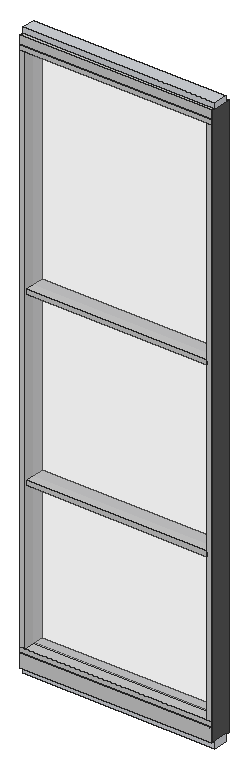
Revit family "Haworth_Enclose_Wall_Glass", category Furniture Systems, Revit 2018
Family settings
  Round Connector Dimension = Use Diameter
  Part Type = Normal
  OmniClass Number = 23.25.40.14
  OmniClass Title = Demountable Partitions
  Work Plane-Based = No
  Always vertical = Yes
  Cut with Voids When Loaded = No
  Shared = Yes
  Room Calculation Point = No
Parameters (values of type "36" x 108"")
  Warranty = "http://www.haworth.com/resources/product-info/warranties"
  URL - Product = "http://www.haworth.com/products/architectural-interiors/moveable-walls/enclose"
  Type Comments = ""
  Sustainability Info = "http://www.haworth.com/company-info/sustainablility"
  Model = "Haworth Enclose"  # constant formula
  Glass Finish = Haworth _ Glass _ Clear
  Frame Finish = Haworth _ Metal _ Brushed Aluminum
  End of Run Finish = Haworth _ Polymer _ Black
  Description = "Wall Glass"  # constant formula
  Ceiling Mount = yes
  Material Options = "http://surfaces.haworth.com/haworth-surface-collection"
  Width = 36"
  Vertical Frame Width = 0.875"  # constant formula
  URL = "www.haworth.com"
  Size = "Verify Final Dim. w/ Haworth"  # constant formula
  Revision Number = "3"  # constant formula
  Panel Width = Actual Width - (2 * Vertical Frame Width) - (2 * End of Run Width)  # 33.94"
  Panel Height = Actual Height - Horizontal Bottom Adjuster Width - (2 * Horizontal Frame Width) - Horizontal Top Adjuster Width  # 99.755"
  Panel Depth = 0.4"  # constant formula
  Muntin Width = 0.875"  # constant formula
  Min/Max Width = "8-60 in."  # constant formula
  Min/Max Height = "84-144 in."  # constant formula
  Min. Spacing Between Muntins = 8"  # constant formula
  Muntin Note = "Bottom Muntin is Muntin 1"  # constant formula
  Horizontal Top Trim Width = 1.43"  # constant formula
  Horizontal Top Adjuster Width = Cap Height + Horizontal Top Trim Width + 0.195"  # 2.625"
  Horizontal Bottom Adjuster Width = Base Height + Horizontal Bottom Trim Width + 0.195"  # 3.87"
  Glass Offset = Horizontal Bottom Adjuster Width + Horizontal Frame Width  # 4.745"
  Min. Width = 8"  # constant formula
  Max. Width = 60"  # constant formula
  Min. Height = 84"  # constant formula
  Max. Height = 144"  # constant formula
  Manufacturer = "Haworth"  # constant formula
  Horizontal Frame Width = 0.875"  # constant formula
  Horizontal Bottom Trim Width = 2.425"  # constant formula
  Height = 108"
  End of Run Width = 0.155"  # constant formula
  Frame Depth = 4"  # constant formula
  End of Run Right Width [instance] = if(End of Run Right, 1.845", End of Run Width)  # 0.155"
  End of Run Right [instance] = no
  End of Run Left Width [instance] = if(End of Run Left, 1.845", End of Run Width)  # 0.155"
  End of Run Left [instance] = no
  Cap Height = 1"  # constant formula
  Base Height = 1.25"  # constant formula
  Author = "SHAPE Environments, LLC"  # constant formula
  Assembly Code = "C1010200"
  Actual Width = if(Width < Min. Width, Min. Width, if(Width > Max. Width, Max. Width, Width))  # 36"
  Actual Height = if(Height < Min. Height, Min. Height, if(Height > Max. Height, Max. Height, Height))  # 108"
  Actual AFF Muntin 2 = if(AFF Muntin 2 < Actual AFF Muntin 1 + 8", Actual AFF Muntin 1 + 8", if(and(# of Muntins = 2, AFF Muntin 2 > Actual Height - 8" - Horizontal Top Adjuster Width - Horizontal Frame Width), Actual Height - 8" - Horizontal Top Adjuster Width - Horizontal Frame Width, AFF Muntin 2))  # 64"
  Actual AFF Muntin 1 = if(AFF Muntin 1 < 8" + Horizontal Bottom Adjuster Width, 8" + Horizontal Bottom Adjuster Width, if(and(# of Muntins = 2, AFF Muntin 1 > Actual Height - 16" - Horizontal Top Adjuster Width - Horizontal Frame Width), Actual Height - 16" - Horizontal Top Adjuster Width - Horizontal Frame Width, if(and(# of Muntins = 1, AFF Muntin 1 > Actual Height - 8" - Horizontal Top Adjuster Width - Horizontal Frame Width), Actual Height - 8" - Horizontal Top Adjuster Width - Horizontal Frame Width, AFF Muntin 1)))  # 32"
  Actual # of Muntins = if(Actual Height - Glass Offset < # of Muntins * (8" + Muntin Width) + 8", 0, # of Muntins)  # 2
  AFF Muntin 2 = 64"
  AFF Muntin 1 = 32"
  Max # of Muntins = 2  # constant formula
  # of Muntins = 2
  Too Many Muntins = or(and(Actual # of Muntins = 0, # of Muntins > 0), (# of Muntins > 2))  # no
Types (7): name | Width | Panel Width | Actual Width
  36" x 108" | 36" | 33.94" | 36"
  24" x 108" | 24" | 21.94" | 24"
  30" x 108" | 30" | 27.94" | 30"
  42" x 108" | 42" | 39.94" | 42"
  48" x 108" | 48" | 45.94" | 48"
  54" x 108" | 54" | 51.94" | 54"
  60" x 108" | 60" | 57.94" | 60"
Reference planes (in)
  plane 1 "Center F/B": y = -0.17786
  plane 2: z = 0
  plane 3 "Center L/R": x = -2.36364
  plane 4 "Left": x = -20.36364
  plane 5 "Right": x = 15.63636
  plane 6 "Top": z = 108
  plane 7 "Back": y = 1.82214
  plane 8 "Front": y = -2.17786
  plane 9 "Left Frame Outside": x = -20.20864
  plane 10 "Left Frame Inside": x = -19.33364
  plane 11 "Right Frame Outside": x = 15.48136
  plane 12 "Right Frame Inside": x = 14.60636
  plane 13 "End of Run Right": x = 15.63636
  plane 14 "End of Run Left": x = -20.36364
  plane 15 "Top Frame Outside": z = 105.375
  plane 16 "Top Trim Outside": z = 107
  plane 17 "Top Frame Inside": z = 104.5
  plane 18 "Bottom Frame Outside": z = 3.87
  plane 19 "Bottom Adjuster": z = 1.25
  plane 20 "Bottom Frame Inside": z = 4.745
Forms (in)
  Sweep 1, solid, material "Haworth _ Polymer _ Black" <- "End of Run Finish"
    path origin (0, -0.17786, 0) x (1, 0, 0) y (0, 0, 1)
      loop
        line (-20.20864, 107) -> (-20.20864, 1.25)
    profile "Haworth_Enclose - Postcap : Left" origin (-20.20864, -0.17786, 54.125) x (1, 0, 0) y (0, -1, 0)
      loop
        line (0, 1.805) -> (-0.155, 1.805) -> (-0.155, -1.805) -> (0, -1.805) -> (0, 1.805)
  Sweep 2, solid, material "Haworth _ Polymer _ Black" <- "End of Run Finish"
    path origin (0, -0.17786, 0) x (1, 0, 0) y (0, 0, 1)
      loop
        line (15.48136, 107) -> (15.48136, 1.25)
    profile "Haworth_Enclose - Postcap : Right" origin (15.48136, -0.17786, 54.125) x (1, 0, 0) y (0, -1, 0)
      loop
        line (0, 1.805) -> (0, -1.805) -> (0.155, -1.805) -> (0.155, 1.805) -> (0, 1.805)
  Sweep 3, solid, material "Haworth _ Metal _ Brushed Aluminum" <- "Frame Finish"
    path origin (0, -0.17786, 0) x (1, 0, 0) y (0, 0, 1)
      loop
        line (-20.20864, 104.5) -> (-20.20864, 4.745)
    profile "Haworth_Enclose - Vertical_Frame : Vertical" origin (-20.20864, -0.17786, 54.6225) x (1, 0, 0) y (0, -1, 0)
      loop
        line (0, 2) -> (0, -2) -> (0.875, -2) -> (0.875, 2) -> (0, 2)
  Sweep 4, solid, material "Haworth _ Metal _ Brushed Aluminum" <- "Frame Finish"
    path origin (0, -0.17786, 0) x (1, 0, 0) y (0, 0, 1)
      loop
        line (15.48136, 104.5) -> (15.48136, 4.745)
    profile "Haworth_Enclose - Vertical_Frame : Vertical" origin (15.48136, -0.17786, 54.6225) x (1, 0, 0) y (0, -1, 0)
      loop
        line (0, 2) -> (-0.875, 2) -> (-0.875, -2) -> (0, -2) -> (0, 2)
  Sweep 5, solid, material "Haworth _ Metal _ Brushed Aluminum" <- "Frame Finish"
    path origin (0, -0.17786, 0) x (1, 0, 0) y (0, 0, 1)
      loop
        line (15.48136, 104.5) -> (-20.20864, 104.5)
    profile "Haworth_Enclose - Horizontal_Frame : Horizontal" origin (-2.36364, -0.17786, 104.5) x (0, 0, -1) y (0, -1, 0)
      loop
        line (0, 2) -> (-0.875, 2) -> (-0.875, -2) -> (0, -2) -> (0, 2)
  Sweep 6, solid, material "Haworth _ Metal _ Brushed Aluminum" <- "Frame Finish"
    path origin (0, -0.17786, 0) x (1, 0, 0) y (0, 0, 1)
      loop
        line (-20.20864, 107) -> (15.48136, 107)
    profile "Haworth_Enclose - Horizontal_Trim : Top" origin (-2.36364, -0.17786, 107) x (0, 0, 1) y (0, -1, 0)
      loop
        line (0, 2) -> (-1.43, 2) -> (-1.43, 1.805) -> (-1.625, 1.805) -> (-1.625, -1.805) -> (-1.43, -1.805) -> (-1.43, -2) -> (0, -2) -> (0, 2)
  Sweep 7, solid, visible <- "Ceiling Mount"
    path origin (0, -0.17786, 0) x (1, 0, 0) y (0, 0, 1)
      loop
        line (-20.36364, 108) -> (15.63636, 108)
    profile "Haworth_Enclose - Horizontal_Track : Ceiling" origin (-2.36364, -0.17786, 108) x (0, 0, 1) y (0, -1, 0)
      loop
        line (0, 1.28) -> (-1, 1.28) -> (-1, -1.28) -> (0, -1.28) -> (0, 1.28)
  Sweep 8, solid
    path origin (0, -0.17786, 0) x (1, 0, 0) y (0, 0, 1)
      loop
        line (15.63636, 0) -> (-20.36364, 0)
    profile "Haworth_Enclose - Horizontal_Track : Base" origin (-2.36364, -0.17786, 0) x (0, 0, -1) y (0, -1, 0)
      loop
        line (0, 1.28) -> (-1.25, 1.28) -> (-1.25, -1.28) -> (0, -1.28) -> (0, 1.28)
  Sweep 9, solid, material "Haworth _ Metal _ Brushed Aluminum" <- "Frame Finish"
    path origin (0, -0.17786, 0) x (1, 0, 0) y (0, 0, 1)
      loop
        line (-20.20864, 4.745) -> (15.48136, 4.745)
    profile "Haworth_Enclose - Horizontal_Frame : Horizontal" origin (-2.36364, -0.17786, 4.745) x (0, 0, 1) y (0, -1, 0)
      loop
        line (0, 2) -> (-0.875, 2) -> (-0.875, -2) -> (0, -2) -> (0, 2)
  Sweep 10, solid, material "Haworth _ Metal _ Brushed Aluminum" <- "Frame Finish"
    path origin (0, -0.17786, 0) x (1, 0, 0) y (0, 0, 1)
      loop
        line (15.48136, 1.25) -> (-20.20864, 1.25)
    profile "Haworth_Enclose - Horizontal_Trim : Bottom" origin (-2.36364, -0.17786, 1.25) x (0, 0, -1) y (0, -1, 0)
      loop
        line (0, 2) -> (-2.425, 2) -> (-2.425, 1.805) -> (-2.62, 1.805) -> (-2.62, -1.805) -> (-2.425, -1.805) -> (-2.425, -2) -> (0, -2) -> (0, 2)
Lines and regions (in)
  Masking region 1
    outline origin (0, 0, 0) x (1, 0, 0) y (0, 1, 0)
      loop
        line (-20.36364, 1.82214) -> (-20.36364, -2.17786) -> (15.63636, -2.17786) -> (15.63636, 1.82214) -> (-20.36364, 1.82214)
  symbolic lines, style "Haworth", detail levels medium+fine
    curve 1: line (14.60636, 1.82214, 0) -> (14.60636, -2.17786, 0)
    curve 2: line (14.60636, -0.37786, 0) -> (-19.33364, -0.37786, 0)
    curve 3: line (14.60636, 0.02214, 0) -> (-19.33364, 0.02214, 0)
    curve 4: line (-19.33364, -2.17786, 0) -> (-19.33364, 1.82214, 0)
Dimensions and locks (in)
  equal spacing: plane 4 "Left", plane 3 "Center L/R", plane 5 "Right"
  "Actual Width": plane 4 "Left" to plane 5 "Right"
  "End of Run Width": plane 4 "Left" to plane 9 "Left Frame Outside"
  "Vertical Frame Width": plane 9 "Left Frame Outside" to plane 10 "Left Frame Inside"
  "End of Run Width": plane 11 "Right Frame Outside" to plane 5 "Right"
  "End of Run Right Width": plane 11 "Right Frame Outside" to plane 13 "End of Run Right"
  "End of Run Left Width": plane 14 "End of Run Left" to plane 9 "Left Frame Outside"
  "Vertical Frame Width": plane 12 "Right Frame Inside" to plane 11 "Right Frame Outside"
  equal spacing: plane 7 "Back", plane 1 "Center F/B", plane 8 "Front"
  "Frame Depth": plane 7 "Back" to plane 8 "Front"
  "Actual Height": plane 6 "Top" to level
  "Cap Height": plane 6 "Top" to plane 16 "Top Trim Outside"
  "Horizontal Frame Width": plane 15 "Top Frame Outside" to plane 17 "Top Frame Inside"
  "Base Height": plane 19 "Bottom Adjuster" to level
  "Horizontal Frame Width": plane 20 "Bottom Frame Inside" to plane 18 "Bottom Frame Outside"
  "Horizontal Bottom Adjuster Width": plane 18 "Bottom Frame Outside" to plane 2
  "Horizontal Top Adjuster Width": plane 6 "Top" to plane 15 "Top Frame Outside"
  aligned and locked: Sweep 1 sketch curve to plane 9 "Left Frame Outside"
  aligned and locked: Sweep 2 sketch curve to plane 11 "Right Frame Outside"
  aligned and locked: Sweep 3 sketch curve to plane 9 "Left Frame Outside"
  aligned and locked: plane 20 "Bottom Frame Inside" to Sweep 3 sketch curve
  aligned and locked: plane 17 "Top Frame Inside" to Sweep 3 sketch curve
  aligned and locked: Sweep 4 sketch curve to plane 11 "Right Frame Outside"
  aligned and locked: plane 20 "Bottom Frame Inside" to Sweep 4 sketch curve
  aligned and locked: plane 17 "Top Frame Inside" to Sweep 4 sketch curve
  aligned and locked: plane 3 "Center L/R" to nested 1
  aligned and locked: plane 1 "Center F/B" to nested 1
  aligned and locked: nested 1 to plane 20 "Bottom Frame Inside"
  aligned and locked: curve 1 to Sweep 4
  aligned and locked: nested 1 to curve 2
  aligned and locked: nested 1 to curve 3
  aligned and locked: curve 4 to Sweep 3
  aligned and locked: plane 17 "Top Frame Inside" to Sweep 5 sketch curve
  aligned and locked: plane 9 "Left Frame Outside" to Sweep 5 sketch curve
  aligned and locked: plane 11 "Right Frame Outside" to Sweep 5 sketch curve
  aligned and locked: Sweep 6 sketch curve to plane 16 "Top Trim Outside"
  aligned and locked: plane 11 "Right Frame Outside" to Sweep 6 sketch curve
  aligned and locked: plane 9 "Left Frame Outside" to Sweep 6 sketch curve
  aligned and locked: plane 13 "End of Run Right" to Sweep 7 sketch curve
  aligned and locked: plane 14 "End of Run Left" to Sweep 7 sketch curve
  aligned and locked: plane 14 "End of Run Left" to Sweep 8 sketch curve
  aligned and locked: plane 13 "End of Run Right" to Sweep 8 sketch curve
  aligned and locked: Sweep 9 sketch curve to plane 20 "Bottom Frame Inside"
  aligned and locked: plane 11 "Right Frame Outside" to Sweep 9 sketch curve
  aligned and locked: plane 9 "Left Frame Outside" to Sweep 9 sketch curve
  aligned and locked: plane 19 "Bottom Adjuster" to Sweep 10 sketch curve
  aligned and locked: plane 9 "Left Frame Outside" to Sweep 10 sketch curve
  aligned and locked: plane 11 "Right Frame Outside" to Sweep 10 sketch curve
  aligned and locked: plane 2 to Sweep 8 sketch curve
  aligned and locked: Sweep 7 sketch curve to plane 6 "Top"
  aligned and locked: Masking region 1 sketch curve to plane 7 "Back"
  aligned and locked: plane 8 "Front" to Masking region 1 sketch curve
  aligned and locked: plane 19 "Bottom Adjuster" to Sweep 1 sketch curve
  aligned and locked: plane 16 "Top Trim Outside" to Sweep 1 sketch curve
  aligned and locked: plane 16 "Top Trim Outside" to Sweep 2 sketch curve
  aligned and locked: plane 19 "Bottom Adjuster" to Sweep 2 sketch curve
  aligned and locked: Masking region 1 to plane 14 "End of Run Left"
  aligned and locked: plane 13 "End of Run Right" to Masking region 1
Automatic sketch dimensions
  curve 1 to plane 8 "Front" = 0"
  curve 1 to plane 7 "Back" = 0"
  curve 4 to plane 8 "Front" = 0"
  curve 4 to plane 7 "Back" = 0"
  Masking region 1 sketch curve to plane 4 "Left" = 0"
  plane 5 "Right" to Masking region 1 sketch curve = 0"
Nested families (in)
  nested 1: "Haworth_Enclose - Panel_Glass_Muntins" at (-3.54385, -0.14763, 4.745), type "Glass"
Definition of nested family "Haworth_Enclose - Panel_Glass_Muntins"
  Parameters
    URL = "www.haworth.com"
    Revision Number = "1"  # constant formula
    Revision Date = ""
    Panel Width = 33.94"
    Panel Height = 99.75"
    Panel Finish = none
    Panel Depth = 0.5"
    Offset = 4.75"
    Muntin Width = 0.875"  # constant formula
    Muntin Finish = none
    Muntin Depth = 3.765"  # constant formula
    Muntin 2 Height = AFF Muntin 2 - Offset  # 43.25"
    Muntin 2 = or(# of Muntins > 1)  # yes
    Muntin 1 Height = AFF Muntin 1 - Offset  # 19.25"
    Muntin 1 = or(# of Muntins > 0)  # yes
    Manufacturer = "Haworth"  # constant formula
    Author = "SHAPE Environment, LLC"  # constant formula
    Assembly Code = ""
    AFF Muntin 2 = 48"
    AFF Muntin 1 = 24"
    # of Muntins = 2
  Reference planes (in)
    plane 1 "Center F/B": y = -0.03024
    plane 2: z = 0
    plane 3 "Center L/R": x = 1.1802
    plane 4 "Left": x = -15.7898
    plane 5 "Right": x = 18.1502
    plane 6 "Back": y = 0.21976
    plane 7 "Front": y = -0.28024
    plane 8 "Top": z = 99.75
    plane 9: z = 72.765
    plane 10: z = 54.765
    plane 11: z = 19.25
    plane 12: z = 43.25
  Forms (in)
    Extrusion 1, solid, material <- "Panel Finish"
      sketch origin (0, -0.03024, 0) x (1, 0, 0) y (0, 0, 1)
        loop
          line (-15.7898, 99.75) -> (-15.7898, 0) -> (18.1502, 0) -> (18.1502, 99.75) -> (-15.7898, 99.75)
      from -0.25 to 0.25
    Sweep 2, solid, material <- "Muntin Finish", visible <- "Muntin 1"
      path origin (0, -0.03024, 0) x (1, 0, 0) y (0, 0, 1)
        loop
          line (-15.7898, 19.25) -> (18.1502, 19.25)
      profile "Haworth_Lifespace - Muntin : Muntin" origin (1.1802, -0.03024, 19.25) x (0, 0, 1) y (0, -1, 0)
        loop
          line (0, 1.8825) -> (0, -1.8825) -> (0.875, -1.8825) -> (0.875, 1.8825) -> (0, 1.8825)
    Sweep 3, solid, material <- "Muntin Finish", visible <- "Muntin 2"
      path origin (0, -0.03024, 11) x (1, 0, 0) y (0, 0, 1)
        loop
          line (-15.7898, 32.25) -> (18.1502, 32.25)
      profile "Haworth_Lifespace - Muntin : Muntin" origin (1.1802, -0.03024, 43.25) x (0, 0, 1) y (0, -1, 0)
        loop
          line (0, 1.8825) -> (0, -1.8825) -> (0.875, -1.8825) -> (0.875, 1.8825) -> (0, 1.8825)
  Dimensions and locks (in)
    "Panel Height": plane 8 "Top" to level
    equal spacing: plane 6 "Back", plane 1 "Center F/B", plane 7 "Front"
    "Panel Depth": plane 6 "Back" to plane 7 "Front"
    equal spacing: plane 4 "Left", plane 3 "Center L/R", plane 5 "Right"
    "Panel Width": plane 4 "Left" to plane 5 "Right"
    "Muntin 1 Height": plane 11 to level
    "Muntin 2 Height": plane 12 to level
    locked: plane 10 to level at 54.765
    locked: plane 9 to level at 72.765
    aligned and locked: plane 4 "Left" to Extrusion 1 sketch curve
    aligned and locked: Extrusion 1 sketch curve to plane 8 "Top"
    aligned and locked: level to Extrusion 1 sketch curve
    aligned and locked: Extrusion 1 sketch curve to plane 5 "Right"
    aligned and locked: plane 6 "Back" to Extrusion 1
    aligned and locked: Extrusion 1 to plane 7 "Front"
    aligned and locked: Sweep 2 sketch curve to plane 11
    aligned and locked: plane 4 "Left" to Sweep 2 sketch curve
    aligned and locked: plane 5 "Right" to Sweep 2 sketch curve
    aligned and locked: Sweep 3 sketch curve to plane 12
    aligned and locked: plane 4 "Left" to Sweep 3 sketch curve
    aligned and locked: plane 5 "Right" to Sweep 3 sketch curve
